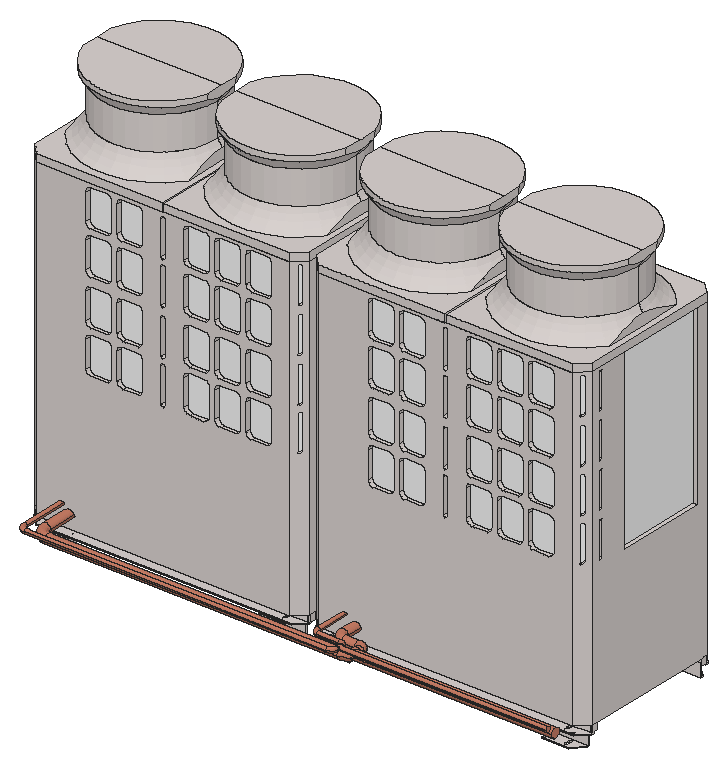
Revit family "PUHY-P850YSNW-A1", category Mechanical Equipment, Revit 2016
Family settings
  Part Type = Normal
  Round Connector Dimension = Use Radius
  OmniClass Number = 23.75.00.00
  OmniClass Title = Climate Control (HVAC)
  Work Plane-Based = No
  Always vertical = Yes
  Cut with Voids When Loaded = No
  Shared = No
  Room Calculation Point = No
Parameters (values of type "PUHY-P850YSNW-A1_415V_60Hz")
  Model = "PUHY-P850YSNW-A1"
  Width = 2510.000 mm
  WarrantyStart = ""
  Voltage = 415 V
  Unit Weight (kg) = 570
  URL = "http://www.mitsubishielectric.com/"
  Temp. range of heating (Outdoor temp.) (W.B.) = "-20.0 to 15.5"
  Temp. range of heating (Indoor temp.) (D.B.) = "15.0 to 27.0"
  Temp. range of cooling (Outdoor temp.) (D.B.) = "-5.0 to 52.0"
  Temp. range of cooling (Indoor temp.) (W.B.) = "15.0 to 24.0"
  TagNumber = 0
  Subcategory = "HVAC"
  Space View = yes
  Sound Pressure Level (dB(A)) Heating mode = 71.5
  Sound Pressure Level (dB(A)) Cooling mode = 68.5
  SerialNumber = 0
  ReplacementYear = ""
  Refrigerant type = "R410A"
  Refrigerant Charge (kg) = 20.6
  Protection Devices_Inverter circuit (COMP./FAN) = "Over-current protection"
  Protection Devices_High pressure (MPa) = "High pressure sensor, High pressure switch at 4.15"
  Phase = 3
  Manufacturer = "Mitsubishi Electric Corporation"
  Outdoor unit 2 Breaker size (A) = 60
  Outdoor unit 2 = PUHY-P400YNW-A1 : PUHY-P400YNW-A1
  Outdoor unit 1 Breaker size (A) = 60
  Outdoor unit 1 = PUHY-P450YNW-A1 : PUHY-P450YNW-A1
  Note_1 = "Refrigerant pipe diameters may change depending on the installation condition. Please refer to the installation manual."
  Maximum Circuit Ampacity (A) = 69
  Liquid pipe_radius = 9.525 mm
  InstallationDate = ""
  Indoor Unit Total Capacity = "50 to 130% of outdoor unit capacity"
  Indoor Unit Model/Quantity = "P10 to P250/2 to 50"
  Hertz = 60 Hz
  Height = 1858.000 mm
  Heating SCOP (kW/kW) = 3.86
  Heating Rated Load Ampacity (A) = 42.9
  Heating Power Input (kW) = 27.76
  Heating Power Input (Nominal) (kW) = 23.07
  Heating Current Input (Nominal) (A) = 35.6
  Heating Current Input (A) = 42.9
  Heating Capacity (kW) = 108
  Heating Capacity (Nominal) (kW) = 96
  Heating COP (kW/kW) = 3.89
  Heating COP (Nominal) (kW/kW) = 4.16
  Gas pipe_radius = 20.640 mm
  Fan_Type = "Propeller Fan"
  Fan_Quantity = 4
  Fan Motor Output (kW) = 1.84
  External static pressure (Pa) = 0
  External Finish = "Pre-coated galvanized steel sheets (+powder coating for -BS type) <MUNSELL 3Y 7.8/1.1 or similar>"
  Equip_description = ""
  Equip_No. = 0
  Equip_ID = ""
  Description = ""
  Depth = 740.000 mm
  CreatedOn = ""
  CreatedBy = ""
  Cooling SEER (kW/kW) = 6.38
  Cooling Rated Load Ampacity (A) = 46.3
  Cooling Power Input (kW) = 30
  Cooling EER (kW/kW) = 3.2
  Cooling Current Input (A) = 46.3
  Cooling Capacity (kW) = 96
  Compressor_Type = "Inverter scroll hermetic compressor"
  Compressor_Quantity = 2
  Compressor_Lubricant = "MEL32"
  Compressor Motor Output (kW) = 23.1
  Category = ""
  Barcode = ""
  AssetIdentifier = ""
  Airflow Rate (m3/min) = 605
  Airflow Rate (m3/h) = 36300
Reference planes
  plane 1 "Center (Front/Back)": y = 0
  plane 2: z = 0
  plane 3 "Center (Left/Right)": x = 0
  plane 4: y = 370
  plane 5 "front": y = -370
  plane 6: x = -1255
  plane 7: x = 1255
  plane 8: x = 15
  plane 9: x = -15
  plane 10: z = 1858
Forms (mm)
  Sweep 1, solid, material "Copper"
    path origin (1017.215, -4.248, 187) x (0, -1, 0) y (1, 0, 0)
      loop
        line (360, -2112.386) -> (570, -2112.386)
        arc (570, -2112.386) -> (591.213, -2103.6) -> (600, -2082.386) r 30
        line (600, -2082.386) -> (600, -725.507)
        arc (600, -725.507) -> (594.142, -711.365) -> (580, -705.507) r 20
        line (580, -705.507) -> (552.385, -705.507)
        arc (552.385, -705.507) -> (538.243, -711.365) -> (532.385, -725.507) r 20
        line (532.385, -725.507) -> (532.385, -821.501)
        arc (532.385, -821.501) -> (526.527, -835.643) -> (512.385, -841.501) r 20
        line (512.385, -841.501) -> (357.385, -841.501)
    profile origin (-1095.172, -469.248, 187) x (1, 0, 0) y (0, 0, 1)
      loop
        circle (0, 0) r 9.525
  Sweep 2, solid, material "Copper"
    path origin (934.386, -4.248, 187) x (0, -1, 0) y (1, 0, 0)
      loop
        line (565.96, -620) -> (565.96, 320.614)
    profile origin (784.693, -570.208, 187) x (0, 1, 0) y (0, 0, 1)
      loop
        circle (0, 0) r 9.525
  Sweep 3, solid, material "Copper"
    path origin (934.386, -4.248, 155.027) x (-1, 0, 0) y (0, -1, 0)
      loop
        line (595, 523.84) -> (-320, 523.84)
    profile origin (796.886, -528.088, 155.027) x (0, 1, 0) y (0, 0, 1)
      loop
        circle (0, 0) r 20.64
  Sweep 4, solid, material "Copper"
    path origin (0, 0, 0) x (1, 0, 0) y (0, 1, 0)
      loop
        line (229.542, -354.295) -> (229.542, -439.295)
        arc (229.542, -439.295) -> (239.793, -464.044) -> (264.542, -474.295) r 35
        line (264.542, -474.295) -> (324.542, -474.295)
        arc (324.542, -474.295) -> (342.22, -481.618) -> (349.542, -499.295) r 25
        line (349.542, -499.295) -> (349.542, -514.295)
        arc (349.542, -514.295) -> (337.826, -542.58) -> (309.542, -554.295) r 40
        line (309.542, -554.295) -> (-1005.458, -554.295)
        arc (-1005.458, -554.295) -> (-1044.349, -538.186) -> (-1060.458, -499.295) r 55
        line (-1060.458, -499.295) -> (-1060.458, -356.383)
    profile origin (229.542, -396.795, 0) x (1, 0, 0) y (0, 0, 1)
      loop
        circle (0, 155) r 20.64
Dimensions and locks
  nested 1 to nested 1 = 1240.000 mm
  nested 1 to nested 2 to nested 2 = 30.000 mm, 1240.000 mm
  "Liquid pipe_radius": radius of Sweep 2 sketch curve
  "Gas pipe_radius": radius of Sweep 3 sketch curve
  aligned and locked: level to plane 2
Automatic sketch dimensions
  Sweep 1 sketch curve to plane 5 "front" = 8.366 mm
  Sweep 1 sketch curve to plane 5 "front" = 5.752 mm
  plane 5 "front" to Sweep 1 sketch curve = 146.634 mm
  Sweep 1 sketch curve to Sweep 1 sketch curve = 20.000 mm  (x2)
  plane 5 "front" to Sweep 1 sketch curve = 204.248 mm
  Sweep 1 sketch curve to Sweep 1 sketch curve = 27.615 mm
  Sweep 1 sketch curve to Sweep 1 sketch curve = 30.000 mm
  plane 6 to Sweep 1 sketch curve = 159.828 mm
  plane 3 "Center (Left/Right)" to Sweep 1 sketch curve = 175.714 mm
  Sweep 1 sketch curve to Sweep 1 sketch curve = 95.994 mm
  profile plane to Sweep 1 sketch curve = 0.000 mm
  Sweep 1 sketch curve to profile plane = 0.000 mm
  Sweep 2 sketch curve to plane 7 = 0.000 mm
  plane 5 "front" to Sweep 2 sketch curve = 200.208 mm
  plane 8 to Sweep 2 sketch curve = 299.386 mm
  Sweep 3 sketch curve to plane 7 = 0.614 mm
  plane 5 "front" to Sweep 3 sketch curve = 158.088 mm
  plane 8 to Sweep 3 sketch curve = 324.386 mm
  level to Sweep 4 sketch curve = 155.000 mm
  profile plane to Sweep 4 sketch curve = 0.000 mm
  Sweep 4 sketch curve to plane 5 "front" = 13.617 mm
  plane 6 to Sweep 4 sketch curve = 194.542 mm
  Sweep 4 sketch curve to Sweep 4 sketch curve = 55.000 mm
  plane 5 "front" to Sweep 4 sketch curve = 69.295 mm
  plane 8 to Sweep 4 sketch curve = 214.542 mm
  Sweep 4 sketch curve to Sweep 4 sketch curve = 35.000 mm
  Sweep 4 sketch curve to Sweep 4 sketch curve = 45.000 mm
  Sweep 4 sketch curve to Sweep 4 sketch curve = 15.000 mm
  Sweep 4 sketch curve to Sweep 4 sketch curve = 25.000 mm
  plane 5 "front" to Sweep 4 sketch curve = 129.295 mm
  Sweep 4 sketch curve to plane 5 "front" = 15.705 mm
  Sweep 2 sketch curve to profile plane = 0.000 mm  (x2)
  Sweep 3 sketch curve to profile plane = 0.000 mm  (x2)
  radius of Sweep 1 sketch curve = 9.525 mm
  radius of Sweep 4 sketch curve = 20.640 mm
Nested families
  nested 1: "PUHY-P450YNW-A1" at (-635, 0, 0), type <- "Outdoor unit 1", type "PUHY-P450YNW-A1"
  nested 2: "PUHY-P400YNW-A1" at (635, 0, 0), type <- "Outdoor unit 2", type "PUHY-P400YNW-A1"
Connectors
  piping at (1254.386, -528.088, 155.027), diameter 41.28, driven by "Gas pipe_radius"
    settings: on Sweep 3, index 1, connector inside diameter 41.28 mm, connector length 0.000 mm, flow factor 0, pipe flow 0.0 L/s, pressure drop 0.0 Pa, fitting loss kfactor 0, connector angle 0.00°, fixture units 0, engagement length 0.000 mm, angle of deflection 0.00°, flow configuration 0, flow direction 0, fitting loss method 0, system type 22, joint type 0, gender type 0, connector reference index -1, connector utility 0, adjustable connector no, is connector primary yes, connector description "Indoor unit-Twinning pipe(Gas)"
  piping at (1255, -570.208, 187), diameter 19.05, driven by "Liquid pipe_radius"
    settings: on Sweep 2, index 2, connector inside diameter 19.05 mm, connector length 0.000 mm, flow factor 0, pipe flow 0.0 L/s, pressure drop 0.0 Pa, fitting loss kfactor 0, connector angle 0.00°, fixture units 0, engagement length 0.000 mm, angle of deflection 0.00°, flow configuration 0, flow direction 0, fitting loss method 0, system type 22, joint type 0, gender type 0, connector reference index -1, connector utility 0, adjustable connector no, is connector primary no, connector description "Indoor unit-Twinning pipe(Liquid)"
  electrical at (319, -370, 280), driven by "Phase", driven by "Voltage"
    settings: index 4, voltage 415 V, apparent load 0 VA, apparent load phase1 0 VA, apparent load phase2 0 VA, apparent load phase3 0 VA, power factor 1, load classification "HVAC", number of poles 3, system type 30, power factor state 1, is connector primary yes, connector utility no, sub classification motor no, connector description ""
  electrical at (-633, -370, 280), driven by "Phase", driven by "Voltage"
    settings: index 5, voltage 415 V, apparent load 0 VA, apparent load phase1 0 VA, apparent load phase2 0 VA, apparent load phase3 0 VA, power factor 1, load classification "HVAC", number of poles 3, system type 30, power factor state 1, is connector primary no, connector utility no, sub classification motor no, connector description ""
Definition of nested family "PUHY-P450YNW-A1"
  Parameters
    Model = "PUHY-P400YNW-A"
    URL = "http://www.mitsubishielectric.com/"
    Manufacturer = "Mitsubishi Electric Corporation"
    Liquid pipe_radius = 12.700 mm
    Gas pipe_radius = 14.290 mm
  Reference planes
    plane 1 "Center (Front/Back)": y = 0
    plane 2: z = 0
    plane 3 "Center (Left/Right)": x = 0
    plane 4: y = 370
    plane 5: z = 1858
    plane 6: y = -260
    plane 7: y = -204
    plane 8: y = -185
    plane 9: x = -620
    plane 10: x = 620
    plane 11: x = -620
    plane 12: z = 716
    plane 13: x = -524
    plane 14: z = 669
    plane 15: x = -50.5
    plane 16: x = 51
    plane 17: x = 489
    plane 18: x = 467
    plane 19 "132": x = 488
    plane 20 "100": z = 160
    plane 21: z = 185
    plane 22: x = 413
    plane 23: x = 364
    plane 24: z = 150
    plane 25: x = -287.25
    plane 26: x = -137.25
    plane 27: x = -272.25
    plane 28: y = -278
    plane 29: z = 1509
    plane 30: y = -370
    plane 31: x = -530
    plane 32: x = 530
    plane 33 "179": y = -191
  Forms (mm)
    Extrusion 1, solid
      sketch origin (-1, 0, 113) x (-1, 0, 0) y (0, -1, 0)
        loop
          line (569, -370) -> (619, -320) -> (619, 320) -> (569, 370) -> (-571, 370) -> (-621, 320) -> (-621, -320) -> (-571, -370) -> (569, -370)
      from -18 to 1408
    Extrusion 2, void
      sketch origin (524, -370, 113) x (1, 0, 0) y (0, 0, -1)
        loop
          arc (-60.8, -1393.5) -> (-42.557, -1385.943) -> (-35, -1367.7) r 25.8
          line (-35, -1367.7) -> (-35, -1248.5)
          arc (-35, -1248.5) -> (-42.557, -1230.257) -> (-60.8, -1222.7) r 25.8
          line (-60.8, -1222.7) -> (-126, -1222.7)
          arc (-126, -1222.7) -> (-144.243, -1230.257) -> (-151.8, -1248.5) r 25.8
          line (-151.8, -1248.5) -> (-151.8, -1367.7)
          arc (-151.8, -1367.7) -> (-144.243, -1385.943) -> (-126, -1393.5) r 25.8
          line (-126, -1393.5) -> (-60.8, -1393.5)
      from 0 to 20
    Extrusion 3, void
      sketch origin (524, -370, -81) x (1, 0, 0) y (0, 0, -1)
        loop
          arc (-60.8, -1393.5) -> (-42.557, -1385.943) -> (-35, -1367.7) r 25.8
          line (-35, -1367.7) -> (-35, -1248.5)
          arc (-35, -1248.5) -> (-42.557, -1230.257) -> (-60.8, -1222.7) r 25.8
          line (-60.8, -1222.7) -> (-126, -1222.7)
          arc (-126, -1222.7) -> (-144.243, -1230.257) -> (-151.8, -1248.5) r 25.8
          line (-151.8, -1248.5) -> (-151.8, -1367.7)
          arc (-151.8, -1367.7) -> (-144.243, -1385.943) -> (-126, -1393.5) r 25.8
          line (-126, -1393.5) -> (-60.8, -1393.5)
      from 0 to 20
    Extrusion 4, void
      sketch origin (524, -370, -287) x (1, 0, 0) y (0, 0, -1)
        loop
          arc (-60.8, -1393.5) -> (-42.557, -1385.943) -> (-35, -1367.7) r 25.8
          line (-35, -1367.7) -> (-35, -1248.5)
          arc (-35, -1248.5) -> (-42.557, -1230.257) -> (-60.8, -1222.7) r 25.8
          line (-60.8, -1222.7) -> (-126, -1222.7)
          arc (-126, -1222.7) -> (-144.243, -1230.257) -> (-151.8, -1248.5) r 25.8
          line (-151.8, -1248.5) -> (-151.8, -1367.7)
          arc (-151.8, -1367.7) -> (-144.243, -1385.943) -> (-126, -1393.5) r 25.8
          line (-126, -1393.5) -> (-60.8, -1393.5)
      from 0 to 20
    Extrusion 5, void
      sketch origin (524, -370, -481) x (1, 0, 0) y (0, 0, -1)
        loop
          arc (-60.8, -1393.5) -> (-42.557, -1385.943) -> (-35, -1367.7) r 25.8
          line (-35, -1367.7) -> (-35, -1248.5)
          arc (-35, -1248.5) -> (-42.557, -1230.257) -> (-60.8, -1222.7) r 25.8
          line (-60.8, -1222.7) -> (-126, -1222.7)
          arc (-126, -1222.7) -> (-144.243, -1230.257) -> (-151.8, -1248.5) r 25.8
          line (-151.8, -1248.5) -> (-151.8, -1367.7)
          arc (-151.8, -1367.7) -> (-144.243, -1385.943) -> (-126, -1393.5) r 25.8
          line (-126, -1393.5) -> (-60.8, -1393.5)
      from 0 to 20
    Extrusion 6, void
      sketch origin (384, -370, 113) x (1, 0, 0) y (0, 0, -1)
        loop
          arc (-60.8, -1393.5) -> (-42.557, -1385.943) -> (-35, -1367.7) r 25.8
          line (-35, -1367.7) -> (-35, -1248.5)
          arc (-35, -1248.5) -> (-42.557, -1230.257) -> (-60.8, -1222.7) r 25.8
          line (-60.8, -1222.7) -> (-126, -1222.7)
          arc (-126, -1222.7) -> (-144.243, -1230.257) -> (-151.8, -1248.5) r 25.8
          line (-151.8, -1248.5) -> (-151.8, -1367.7)
          arc (-151.8, -1367.7) -> (-144.243, -1385.943) -> (-126, -1393.5) r 25.8
          line (-126, -1393.5) -> (-60.8, -1393.5)
      from 0 to 20
    Extrusion 7, void
      sketch origin (384, -370, -81) x (1, 0, 0) y (0, 0, -1)
        loop
          arc (-60.8, -1393.5) -> (-42.557, -1385.943) -> (-35, -1367.7) r 25.8
          line (-35, -1367.7) -> (-35, -1248.5)
          arc (-35, -1248.5) -> (-42.557, -1230.257) -> (-60.8, -1222.7) r 25.8
          line (-60.8, -1222.7) -> (-126, -1222.7)
          arc (-126, -1222.7) -> (-144.243, -1230.257) -> (-151.8, -1248.5) r 25.8
          line (-151.8, -1248.5) -> (-151.8, -1367.7)
          arc (-151.8, -1367.7) -> (-144.243, -1385.943) -> (-126, -1393.5) r 25.8
          line (-126, -1393.5) -> (-60.8, -1393.5)
      from 0 to 20
    Extrusion 8, void
      sketch origin (384, -370, -287) x (1, 0, 0) y (0, 0, -1)
        loop
          arc (-60.8, -1393.5) -> (-42.557, -1385.943) -> (-35, -1367.7) r 25.8
          line (-35, -1367.7) -> (-35, -1248.5)
          arc (-35, -1248.5) -> (-42.557, -1230.257) -> (-60.8, -1222.7) r 25.8
          line (-60.8, -1222.7) -> (-126, -1222.7)
          arc (-126, -1222.7) -> (-144.243, -1230.257) -> (-151.8, -1248.5) r 25.8
          line (-151.8, -1248.5) -> (-151.8, -1367.7)
          arc (-151.8, -1367.7) -> (-144.243, -1385.943) -> (-126, -1393.5) r 25.8
          line (-126, -1393.5) -> (-60.8, -1393.5)
      from 0 to 20
    Extrusion 9, void
      sketch origin (384, -370, -481) x (1, 0, 0) y (0, 0, -1)
        loop
          arc (-60.8, -1393.5) -> (-42.557, -1385.943) -> (-35, -1367.7) r 25.8
          line (-35, -1367.7) -> (-35, -1248.5)
          arc (-35, -1248.5) -> (-42.557, -1230.257) -> (-60.8, -1222.7) r 25.8
          line (-60.8, -1222.7) -> (-126, -1222.7)
          arc (-126, -1222.7) -> (-144.243, -1230.257) -> (-151.8, -1248.5) r 25.8
          line (-151.8, -1248.5) -> (-151.8, -1367.7)
          arc (-151.8, -1367.7) -> (-144.243, -1385.943) -> (-126, -1393.5) r 25.8
          line (-126, -1393.5) -> (-60.8, -1393.5)
      from 0 to 20
    Extrusion 10, void
      sketch origin (244, -370, 113) x (1, 0, 0) y (0, 0, -1)
        loop
          arc (-60.8, -1393.5) -> (-42.557, -1385.943) -> (-35, -1367.7) r 25.8
          line (-35, -1367.7) -> (-35, -1248.5)
          arc (-35, -1248.5) -> (-42.557, -1230.257) -> (-60.8, -1222.7) r 25.8
          line (-60.8, -1222.7) -> (-126, -1222.7)
          arc (-126, -1222.7) -> (-144.243, -1230.257) -> (-151.8, -1248.5) r 25.8
          line (-151.8, -1248.5) -> (-151.8, -1367.7)
          arc (-151.8, -1367.7) -> (-144.243, -1385.943) -> (-126, -1393.5) r 25.8
          line (-126, -1393.5) -> (-60.8, -1393.5)
      from 0 to 20
    Extrusion 11, void
      sketch origin (244, -370, -81) x (1, 0, 0) y (0, 0, -1)
        loop
          arc (-60.8, -1393.5) -> (-42.557, -1385.943) -> (-35, -1367.7) r 25.8
          line (-35, -1367.7) -> (-35, -1248.5)
          arc (-35, -1248.5) -> (-42.557, -1230.257) -> (-60.8, -1222.7) r 25.8
          line (-60.8, -1222.7) -> (-126, -1222.7)
          arc (-126, -1222.7) -> (-144.243, -1230.257) -> (-151.8, -1248.5) r 25.8
          line (-151.8, -1248.5) -> (-151.8, -1367.7)
          arc (-151.8, -1367.7) -> (-144.243, -1385.943) -> (-126, -1393.5) r 25.8
          line (-126, -1393.5) -> (-60.8, -1393.5)
      from 0 to 20
    Extrusion 12, void
      sketch origin (244, -370, -287) x (1, 0, 0) y (0, 0, -1)
        loop
          arc (-60.8, -1393.5) -> (-42.557, -1385.943) -> (-35, -1367.7) r 25.8
          line (-35, -1367.7) -> (-35, -1248.5)
          arc (-35, -1248.5) -> (-42.557, -1230.257) -> (-60.8, -1222.7) r 25.8
          line (-60.8, -1222.7) -> (-126, -1222.7)
          arc (-126, -1222.7) -> (-144.243, -1230.257) -> (-151.8, -1248.5) r 25.8
          line (-151.8, -1248.5) -> (-151.8, -1367.7)
          arc (-151.8, -1367.7) -> (-144.243, -1385.943) -> (-126, -1393.5) r 25.8
          line (-126, -1393.5) -> (-60.8, -1393.5)
      from 0 to 20
    Extrusion 13, void
      sketch origin (244, -370, -481) x (1, 0, 0) y (0, 0, -1)
        loop
          arc (-60.8, -1393.5) -> (-42.557, -1385.943) -> (-35, -1367.7) r 25.8
          line (-35, -1367.7) -> (-35, -1248.5)
          arc (-35, -1248.5) -> (-42.557, -1230.257) -> (-60.8, -1222.7) r 25.8
          line (-60.8, -1222.7) -> (-126, -1222.7)
          arc (-126, -1222.7) -> (-144.243, -1230.257) -> (-151.8, -1248.5) r 25.8
          line (-151.8, -1248.5) -> (-151.8, -1367.7)
          arc (-151.8, -1367.7) -> (-144.243, -1385.943) -> (-126, -1393.5) r 25.8
          line (-126, -1393.5) -> (-60.8, -1393.5)
      from 0 to 20
    Extrusion 14, void
      sketch origin (-56, -370, 113) x (1, 0, 0) y (0, 0, -1)
        loop
          arc (-60.8, -1393.5) -> (-42.557, -1385.943) -> (-35, -1367.7) r 25.8
          line (-35, -1367.7) -> (-35, -1248.5)
          arc (-35, -1248.5) -> (-42.557, -1230.257) -> (-60.8, -1222.7) r 25.8
          line (-60.8, -1222.7) -> (-126, -1222.7)
          arc (-126, -1222.7) -> (-144.243, -1230.257) -> (-151.8, -1248.5) r 25.8
          line (-151.8, -1248.5) -> (-151.8, -1367.7)
          arc (-151.8, -1367.7) -> (-144.243, -1385.943) -> (-126, -1393.5) r 25.8
          line (-126, -1393.5) -> (-60.8, -1393.5)
      from 0 to 20
    Extrusion 15, void
      sketch origin (-56, -370, -81) x (1, 0, 0) y (0, 0, -1)
        loop
          arc (-60.8, -1393.5) -> (-42.557, -1385.943) -> (-35, -1367.7) r 25.8
          line (-35, -1367.7) -> (-35, -1248.5)
          arc (-35, -1248.5) -> (-42.557, -1230.257) -> (-60.8, -1222.7) r 25.8
          line (-60.8, -1222.7) -> (-126, -1222.7)
          arc (-126, -1222.7) -> (-144.243, -1230.257) -> (-151.8, -1248.5) r 25.8
          line (-151.8, -1248.5) -> (-151.8, -1367.7)
          arc (-151.8, -1367.7) -> (-144.243, -1385.943) -> (-126, -1393.5) r 25.8
          line (-126, -1393.5) -> (-60.8, -1393.5)
      from 0 to 20
    Extrusion 16, void
      sketch origin (-56, -370, -287) x (1, 0, 0) y (0, 0, -1)
        loop
          arc (-60.8, -1393.5) -> (-42.557, -1385.943) -> (-35, -1367.7) r 25.8
          line (-35, -1367.7) -> (-35, -1248.5)
          arc (-35, -1248.5) -> (-42.557, -1230.257) -> (-60.8, -1222.7) r 25.8
          line (-60.8, -1222.7) -> (-126, -1222.7)
          arc (-126, -1222.7) -> (-144.243, -1230.257) -> (-151.8, -1248.5) r 25.8
          line (-151.8, -1248.5) -> (-151.8, -1367.7)
          arc (-151.8, -1367.7) -> (-144.243, -1385.943) -> (-126, -1393.5) r 25.8
          line (-126, -1393.5) -> (-60.8, -1393.5)
      from 0 to 20
    Extrusion 17, void
      sketch origin (-56, -370, -481) x (1, 0, 0) y (0, 0, -1)
        loop
          arc (-60.8, -1393.5) -> (-42.557, -1385.943) -> (-35, -1367.7) r 25.8
          line (-35, -1367.7) -> (-35, -1248.5)
          arc (-35, -1248.5) -> (-42.557, -1230.257) -> (-60.8, -1222.7) r 25.8
          line (-60.8, -1222.7) -> (-126, -1222.7)
          arc (-126, -1222.7) -> (-144.243, -1230.257) -> (-151.8, -1248.5) r 25.8
          line (-151.8, -1248.5) -> (-151.8, -1367.7)
          arc (-151.8, -1367.7) -> (-144.243, -1385.943) -> (-126, -1393.5) r 25.8
          line (-126, -1393.5) -> (-60.8, -1393.5)
      from 0 to 20
    Extrusion 18, void
      sketch origin (-196, -370, 113) x (1, 0, 0) y (0, 0, -1)
        loop
          arc (-60.8, -1393.5) -> (-42.557, -1385.943) -> (-35, -1367.7) r 25.8
          line (-35, -1367.7) -> (-35, -1248.5)
          arc (-35, -1248.5) -> (-42.557, -1230.257) -> (-60.8, -1222.7) r 25.8
          line (-60.8, -1222.7) -> (-126, -1222.7)
          arc (-126, -1222.7) -> (-144.243, -1230.257) -> (-151.8, -1248.5) r 25.8
          line (-151.8, -1248.5) -> (-151.8, -1367.7)
          arc (-151.8, -1367.7) -> (-144.243, -1385.943) -> (-126, -1393.5) r 25.8
          line (-126, -1393.5) -> (-60.8, -1393.5)
      from 0 to 20
    Extrusion 19, void
      sketch origin (-196, -370, -81) x (1, 0, 0) y (0, 0, -1)
        loop
          arc (-60.8, -1393.5) -> (-42.557, -1385.943) -> (-35, -1367.7) r 25.8
          line (-35, -1367.7) -> (-35, -1248.5)
          arc (-35, -1248.5) -> (-42.557, -1230.257) -> (-60.8, -1222.7) r 25.8
          line (-60.8, -1222.7) -> (-126, -1222.7)
          arc (-126, -1222.7) -> (-144.243, -1230.257) -> (-151.8, -1248.5) r 25.8
          line (-151.8, -1248.5) -> (-151.8, -1367.7)
          arc (-151.8, -1367.7) -> (-144.243, -1385.943) -> (-126, -1393.5) r 25.8
          line (-126, -1393.5) -> (-60.8, -1393.5)
      from 0 to 20
    Extrusion 20, void
      sketch origin (-196, -370, -287) x (1, 0, 0) y (0, 0, -1)
        loop
          arc (-60.8, -1393.5) -> (-42.557, -1385.943) -> (-35, -1367.7) r 25.8
          line (-35, -1367.7) -> (-35, -1248.5)
          arc (-35, -1248.5) -> (-42.557, -1230.257) -> (-60.8, -1222.7) r 25.8
          line (-60.8, -1222.7) -> (-126, -1222.7)
          arc (-126, -1222.7) -> (-144.243, -1230.257) -> (-151.8, -1248.5) r 25.8
          line (-151.8, -1248.5) -> (-151.8, -1367.7)
          arc (-151.8, -1367.7) -> (-144.243, -1385.943) -> (-126, -1393.5) r 25.8
          line (-126, -1393.5) -> (-60.8, -1393.5)
      from 0 to 20
    Extrusion 21, void
      sketch origin (-196, -370, -481) x (1, 0, 0) y (0, 0, -1)
        loop
          arc (-60.8, -1393.5) -> (-42.557, -1385.943) -> (-35, -1367.7) r 25.8
          line (-35, -1367.7) -> (-35, -1248.5)
          arc (-35, -1248.5) -> (-42.557, -1230.257) -> (-60.8, -1222.7) r 25.8
          line (-60.8, -1222.7) -> (-126, -1222.7)
          arc (-126, -1222.7) -> (-144.243, -1230.257) -> (-151.8, -1248.5) r 25.8
          line (-151.8, -1248.5) -> (-151.8, -1367.7)
          arc (-151.8, -1367.7) -> (-144.243, -1385.943) -> (-126, -1393.5) r 25.8
          line (-126, -1393.5) -> (-60.8, -1393.5)
      from 0 to 20
    Extrusion 22, void
      sketch origin (620, 320, 113) x (0, 1, 0) y (0, 0, -1)
        loop
          line (-462.3, -1408) -> (-50.8, -1408) -> (-50.8, -612) -> (-462.3, -612) -> (-462.3, -1408)
      from 0 to 20
    Extrusion 23, void
      sketch origin (-620, -320, 113) x (0, -1, 0) y (0, 0, -1)
        loop
          line (-535.7, -1408) -> (-207.7, -1408) -> (-207.7, -592) -> (-535.7, -592) -> (-535.7, -1408)
      from 0 to 20
    Extrusion 24, void
      sketch origin (194.892, 370, 113) x (-1, 0, 0) y (0, 0, -1)
        loop
          arc (204.892, -1225.013) -> (194.892, -1215.013) -> (184.892, -1225.013) r 10
          line (184.892, -1225.013) -> (184.892, -1379.987)
          arc (184.892, -1379.987) -> (194.892, -1389.987) -> (204.892, -1379.987) r 10
          line (204.892, -1379.987) -> (204.892, -1225.013)
        loop
          arc (204.892, -1031.013) -> (194.892, -1021.013) -> (184.892, -1031.013) r 10
          line (184.892, -1031.013) -> (184.892, -1185.987)
          arc (184.892, -1185.987) -> (194.892, -1195.987) -> (204.892, -1185.987) r 10
          line (204.892, -1185.987) -> (204.892, -1031.013)
        loop
          arc (204.892, -825.013) -> (194.892, -815.013) -> (184.892, -825.013) r 10
          line (184.892, -825.013) -> (184.892, -979.987)
          arc (184.892, -979.987) -> (194.892, -989.987) -> (204.892, -979.987) r 10
          line (204.892, -979.987) -> (204.892, -825.013)
        loop
          arc (204.892, -631.013) -> (194.892, -621.013) -> (184.892, -631.013) r 10
          line (184.892, -631.013) -> (184.892, -785.987)
          arc (184.892, -785.987) -> (194.892, -795.987) -> (204.892, -785.987) r 10
          line (204.892, -785.987) -> (204.892, -631.013)
      from 0 to 20
    Extrusion 25, void
      sketch origin (-570, 370, 113) x (0.707107, 0.707107, 0) y (0, 0, 1)
        loop
          arc (-45.355, 1236) -> (-35.355, 1226) -> (-25.355, 1236) r 10
          line (-25.355, 1236) -> (-25.355, 1386)
          arc (-25.355, 1386) -> (-35.355, 1396) -> (-45.355, 1386) r 10
          line (-45.355, 1386) -> (-45.355, 1236)
        loop
          arc (-45.355, 1036) -> (-35.355, 1026) -> (-25.355, 1036) r 10
          line (-25.355, 1036) -> (-25.355, 1186)
          arc (-25.355, 1186) -> (-35.355, 1196) -> (-45.355, 1186) r 10
          line (-45.355, 1186) -> (-45.355, 1036)
        loop
          arc (-45.355, 836) -> (-35.355, 826) -> (-25.355, 836) r 10
          line (-25.355, 836) -> (-25.355, 986)
          arc (-25.355, 986) -> (-35.355, 996) -> (-45.355, 986) r 10
          line (-45.355, 986) -> (-45.355, 836)
        loop
          arc (-45.355, 641) -> (-35.355, 631) -> (-25.355, 641) r 10
          line (-25.355, 641) -> (-25.355, 791)
          arc (-25.355, 791) -> (-35.355, 801) -> (-45.355, 791) r 10
          line (-45.355, 791) -> (-45.355, 641)
      from 0 to 20
    Extrusion 26, void
      sketch origin (-620, -320, 113) x (0, -1, 0) y (0, 0, -1)
        loop
          line (-607.846, -1035.895) -> (-607.846, -1186.105)
          arc (-607.846, -1186.105) -> (-597.846, -1196.105) -> (-587.846, -1186.105) r 10
          line (-587.846, -1186.105) -> (-587.846, -1035.895)
          arc (-587.846, -1035.895) -> (-597.846, -1025.895) -> (-607.846, -1035.895) r 10
        loop
          line (-607.846, -835.895) -> (-607.846, -986.105)
          arc (-607.846, -986.105) -> (-597.846, -996.105) -> (-587.846, -986.105) r 10
          line (-587.846, -986.105) -> (-587.846, -835.895)
          arc (-587.846, -835.895) -> (-597.846, -825.895) -> (-607.846, -835.895) r 10
        loop
          line (-607.846, -1235.895) -> (-607.846, -1386.105)
          arc (-607.846, -1386.105) -> (-597.846, -1396.105) -> (-587.846, -1386.105) r 10
          line (-587.846, -1386.105) -> (-587.846, -1235.895)
          arc (-587.846, -1235.895) -> (-597.846, -1225.895) -> (-607.846, -1235.895) r 10
        loop
          line (-607.846, -635.895) -> (-607.846, -786.105)
          arc (-607.846, -786.105) -> (-597.846, -796.105) -> (-587.846, -786.105) r 10
          line (-587.846, -786.105) -> (-587.846, -635.895)
          arc (-587.846, -635.895) -> (-597.846, -625.895) -> (-607.846, -635.895) r 10
      from 0 to 20
    Extrusion 27, void
      sketch origin (1079, -370, 113) x (1, 0, 0) y (0, 0, -1)
        loop
          arc (-1089, -1379.975) -> (-1079, -1389.975) -> (-1069, -1379.975) r 10
          line (-1069, -1379.975) -> (-1069, -1225)
          arc (-1069, -1225) -> (-1079, -1215) -> (-1089, -1225) r 10
          line (-1089, -1225) -> (-1089, -1379.975)
        loop
          arc (-1089, -1185.975) -> (-1079, -1195.975) -> (-1069, -1185.975) r 10
          line (-1069, -1185.975) -> (-1069, -1031)
          arc (-1069, -1031) -> (-1079, -1021) -> (-1089, -1031) r 10
          line (-1089, -1031) -> (-1089, -1185.975)
        loop
          arc (-1089, -979.975) -> (-1079, -989.975) -> (-1069, -979.975) r 10
          line (-1069, -979.975) -> (-1069, -825)
          arc (-1069, -825) -> (-1079, -815) -> (-1089, -825) r 10
          line (-1089, -825) -> (-1089, -979.975)
        loop
          arc (-1089, -785.975) -> (-1079, -795.975) -> (-1069, -785.975) r 10
          line (-1069, -785.975) -> (-1069, -631)
          arc (-1069, -631) -> (-1079, -621) -> (-1089, -631) r 10
          line (-1089, -631) -> (-1089, -785.975)
      from 0 to 20
    Extrusion 28, void
      sketch origin (-571, 370, 113) x (-1, 0, 0) y (0, 0, -1)
        loop
          line (-519.5, -1408) -> (-48, -1408) -> (-48, -556) -> (-519.5, -556) -> (-519.5, -1408)
      from 0 to 20
    Extrusion 29, void
      sketch origin (-571, 370, 113) x (-1, 0, 0) y (0, 0, -1)
        loop
          line (-1038, -1408) -> (-622, -1408) -> (-622, -556) -> (-1038, -556) -> (-1038, -1408)
      from 0 to 20
    Extrusion 30, void
      sketch origin (620, 320, 113) x (0, 1, 0) y (0, 0, -1)
        loop
          arc (-588, -1035.791) -> (-598, -1025.791) -> (-608, -1035.791) r 10
          line (-608, -1035.791) -> (-608, -1186)
          arc (-608, -1186) -> (-598, -1196) -> (-588, -1186) r 10
          line (-588, -1186) -> (-588, -1035.791)
        loop
          arc (-588, -835.791) -> (-598, -825.791) -> (-608, -835.791) r 10
          line (-608, -835.791) -> (-608, -986)
          arc (-608, -986) -> (-598, -996) -> (-588, -986) r 10
          line (-588, -986) -> (-588, -835.791)
        loop
          arc (-588, -1235.791) -> (-598, -1225.791) -> (-608, -1235.791) r 10
          line (-608, -1235.791) -> (-608, -1386)
          arc (-608, -1386) -> (-598, -1396) -> (-588, -1386) r 10
          line (-588, -1386) -> (-588, -1235.791)
        loop
          arc (-588, -635.791) -> (-598, -625.791) -> (-608, -635.791) r 10
          line (-608, -635.791) -> (-608, -786)
          arc (-608, -786) -> (-598, -796) -> (-588, -786) r 10
          line (-588, -786) -> (-588, -635.791)
      from 0 to 20
    Extrusion 31, void
      sketch origin (1291.751, 351.751, 113) x (0.707107, 0.707107, 0) y (0, 0, -1)
        loop
          line (-995.311, -1236) -> (-995.311, -1386)
          arc (-995.311, -1386) -> (-985.311, -1396) -> (-975.311, -1386) r 10
          line (-975.311, -1386) -> (-975.311, -1236)
          arc (-975.311, -1236) -> (-985.311, -1226) -> (-995.311, -1236) r 10
        loop
          line (-995.311, -1036) -> (-995.311, -1186)
          arc (-995.311, -1186) -> (-985.311, -1196) -> (-975.311, -1186) r 10
          line (-975.311, -1186) -> (-975.311, -1036)
          arc (-975.311, -1036) -> (-985.311, -1026) -> (-995.311, -1036) r 10
        loop
          line (-995.311, -836) -> (-995.311, -986)
          arc (-995.311, -986) -> (-985.311, -996) -> (-975.311, -986) r 10
          line (-975.311, -986) -> (-975.311, -836)
          arc (-975.311, -836) -> (-985.311, -826) -> (-995.311, -836) r 10
        loop
          line (-995.311, -641) -> (-995.311, -791)
          arc (-995.311, -791) -> (-985.311, -801) -> (-975.311, -791) r 10
          line (-975.311, -791) -> (-975.311, -641)
          arc (-975.311, -641) -> (-985.311, -631) -> (-995.311, -641) r 10
      from 0 to 20
    Extrusion 32, void
      sketch origin (0, -191, 0) x (-1, 0, 0) y (0, 0, 1)
        loop
          circle (460, 176) r 6.35
      from 0 to 78.7
    Extrusion 33, void
      sketch origin (0, -191, 0) x (-1, 0, 0) y (0, 0, 1)
        loop
          circle (377, 176) r 14.29
      from 0 to 78.7
  Cuts and joins
    Extrusion 2, Extrusion 3, Extrusion 4, Extrusion 5, Extrusion 6, Extrusion 7, Extrusion 8, Extrusion 9, Extrusion 10, Extrusion 11, Extrusion 12, Extrusion 13, Extrusion 14, Extrusion 15, Extrusion 16, Extrusion 17, Extrusion 18, Extrusion 19, Extrusion 20, Extrusion 21, Extrusion 22, Extrusion 23, Extrusion 24, Extrusion 25, Extrusion 26, Extrusion 27, Extrusion 28, Extrusion 29, Extrusion 30, Extrusion 31, Extrusion 32, Extrusion 33 cuts Extrusion 1
  Lines and regions (mm)
    model lines
      curve 1: line (-351, -291, 95) -> (-481, -291, 95)
      curve 2: line (-342, -206, 95) -> (-342, -282, 95)
      curve 3: line (-481, -197, 95) -> (-351, -197, 95)
      curve 4: line (-492, -280, 95) -> (-492, -208, 95)
      curve 5: arc (-492, -280, 95) -> (-488.778, -287.778, 95) -> (-481, -291, 95) r 11
      curve 6: arc (-351, -291, 95) -> (-344.636, -288.364, 95) -> (-342, -282, 95) r 9
      curve 7: arc (-342, -206, 95) -> (-344.636, -199.636, 95) -> (-351, -197, 95) r 9
      curve 8: arc (-481, -197, 95) -> (-488.778, -200.222, 95) -> (-492, -208, 95) r 11
      curve 9: line (-30, -370, 1521) -> (-30, -370, 95)
      curve 10: line (30, -370, 1521) -> (30, -370, 95)
      curve 11: line (-485, -370, 215) -> (-357, -370, 215)
      curve 12: line (-495, -370, 141) -> (-495, -370, 205)
      curve 13: line (-357, -370, 131) -> (-485, -370, 131)
      curve 14: line (-347, -370, 205) -> (-347, -370, 141)
      curve 15: arc (-485, -370, 215) -> (-492.071, -370, 212.071) -> (-495, -370, 205) r 10
      curve 16: arc (-495, -370, 141) -> (-492.071, -370, 133.929) -> (-485, -370, 131) r 10
      curve 17: arc (-357, -370, 131) -> (-349.929, -370, 133.929) -> (-347, -370, 141) r 10
      curve 18: arc (-347, -370, 205) -> (-349.929, -370, 212.071) -> (-357, -370, 215) r 10
      curve 19: line (-405, -370, 1521) -> (-405, -370, 716)
      curve 20: line (620, -162.3, 1521) -> (620, -162.3, 95)
      curve 21: line (620, 289.2, 1521) -> (620, 289.2, 95)
      curve 22: line (620, -162.3, 705) -> (620, 289.2, 705)
      curve 23: line (620, -162.3, 725) -> (620, 289.2, 725)
      curve 24: line (620, -76.8, 583) -> (620, 203.2, 583)
      curve 25: line (620, 203.2, 563) -> (620, -76.8, 563)
      curve 26: arc (620, -76.8, 583) -> (620, -83.871, 580.071) -> (620, -86.8, 573) r 10
      curve 27: arc (620, -76.8, 563) -> (620, -83.871, 565.929) -> (620, -86.8, 573) r 10
      curve 28: arc (620, 203.2, 583) -> (620, 210.271, 580.071) -> (620, 213.2, 573) r 10
      curve 29: arc (620, 203.2, 563) -> (620, 210.271, 565.929) -> (620, 213.2, 573) r 10
      curve 30: line (620, -76.8, 478) -> (620, 203.2, 478)
      curve 31: line (620, 203.2, 458) -> (620, -76.8, 458)
      curve 32: arc (620, -76.8, 478) -> (620, -83.871, 475.071) -> (620, -86.8, 468) r 10
      curve 33: arc (620, -76.8, 458) -> (620, -83.871, 460.929) -> (620, -86.8, 468) r 10
      curve 34: arc (620, 203.2, 478) -> (620, 210.271, 475.071) -> (620, 213.2, 468) r 10
      curve 35: arc (620, 203.2, 458) -> (620, 210.271, 460.929) -> (620, 213.2, 468) r 10
      curve 36: line (620, -76.8, 373) -> (620, 203.2, 373)
      curve 37: line (620, 203.2, 353) -> (620, -76.8, 353)
      curve 38: arc (620, -76.8, 373) -> (620, -83.871, 370.071) -> (620, -86.8, 363) r 10
      curve 39: arc (620, -76.8, 353) -> (620, -83.871, 355.929) -> (620, -86.8, 363) r 10
      curve 40: arc (620, 203.2, 373) -> (620, 210.271, 370.071) -> (620, 213.2, 363) r 10
      curve 41: arc (620, 203.2, 353) -> (620, 210.271, 355.929) -> (620, 213.2, 363) r 10
      curve 42: line (620, -76.8, 268) -> (620, 203.2, 268)
      curve 43: line (620, 203.2, 248) -> (620, -76.8, 248)
      curve 44: arc (620, -76.8, 268) -> (620, -83.871, 265.071) -> (620, -86.8, 258) r 10
      curve 45: arc (620, -76.8, 248) -> (620, -83.871, 250.929) -> (620, -86.8, 258) r 10
      curve 46: arc (620, 203.2, 268) -> (620, 210.271, 265.071) -> (620, 213.2, 258) r 10
      curve 47: arc (620, 203.2, 248) -> (620, 210.271, 250.929) -> (620, 213.2, 258) r 10
      curve 48: line (-620, -162.3, 1521) -> (-620, -162.3, 95)
      curve 49: line (-620, 235.7, 1521) -> (-620, 235.7, 95)
      curve 50: line (-620, -112.3, 1521) -> (-620, -112.3, 705)
      curve 51: line (-620, 215.7, 1521) -> (-620, 215.7, 705)
      curve 52: line (-620, 235.7, 705) -> (-620, -162.3, 705)
      curve 53: line (-620, 176.7, 268) -> (-620, -103.3, 268)
      curve 54: line (-620, -103.3, 248) -> (-620, 176.7, 248)
      curve 55: arc (-620, 186.7, 258) -> (-620, 183.771, 265.071) -> (-620, 176.7, 268) r 10
      curve 56: arc (-620, 176.7, 248) -> (-620, 183.771, 250.929) -> (-620, 186.7, 258) r 10
      curve 57: arc (-620, -103.3, 268) -> (-620, -110.371, 265.071) -> (-620, -113.3, 258) r 10
      curve 58: arc (-620, -113.3, 258) -> (-620, -110.371, 250.929) -> (-620, -103.3, 248) r 10
      curve 59: line (-620, 176.7, 373) -> (-620, -103.3, 373)
      curve 60: line (-620, -103.3, 353) -> (-620, 176.7, 353)
      curve 61: arc (-620, 186.7, 363) -> (-620, 183.771, 370.071) -> (-620, 176.7, 373) r 10
      curve 62: arc (-620, 176.7, 353) -> (-620, 183.771, 355.929) -> (-620, 186.7, 363) r 10
      curve 63: arc (-620, -103.3, 373) -> (-620, -110.371, 370.071) -> (-620, -113.3, 363) r 10
      curve 64: arc (-620, -113.3, 363) -> (-620, -110.371, 355.929) -> (-620, -103.3, 353) r 10
      curve 65: line (-620, 176.7, 478) -> (-620, -103.3, 478)
      curve 66: line (-620, -103.3, 458) -> (-620, 176.7, 458)
      curve 67: arc (-620, 186.7, 468) -> (-620, 183.771, 475.071) -> (-620, 176.7, 478) r 10
      curve 68: arc (-620, 176.7, 458) -> (-620, 183.771, 460.929) -> (-620, 186.7, 468) r 10
      curve 69: arc (-620, -103.3, 478) -> (-620, -110.371, 475.071) -> (-620, -113.3, 468) r 10
      curve 70: arc (-620, -113.3, 468) -> (-620, -110.371, 460.929) -> (-620, -103.3, 458) r 10
      curve 71: line (-620, 176.7, 583) -> (-620, -103.3, 583)
      curve 72: line (-620, -103.3, 563) -> (-620, 176.7, 563)
      curve 73: arc (-620, 186.7, 573) -> (-620, 183.771, 580.071) -> (-620, 176.7, 583) r 10
      curve 74: arc (-620, 176.7, 563) -> (-620, 183.771, 565.929) -> (-620, 186.7, 573) r 10
      curve 75: arc (-620, -103.3, 583) -> (-620, -110.371, 580.071) -> (-620, -113.3, 573) r 10
      curve 76: arc (-620, -113.3, 573) -> (-620, -110.371, 565.929) -> (-620, -103.3, 563) r 10
      curve 77: line (-544, 370, 1521) -> (-544, 370, 95)
      curve 78: line (489, 370, 649) -> (30, 370, 649)
      curve 79: line (-30.5, 370, 649) -> (-544, 370, 649)
      curve 80: line (-147.25, 370, 584) -> (-427.25, 370, 584)
      curve 81: line (-427.25, 370, 564) -> (-147.25, 370, 564)
      curve 82: arc (-137.25, 370, 574) -> (-140.179, 370, 581.071) -> (-147.25, 370, 584) r 10
      curve 83: arc (-147.25, 370, 564) -> (-140.179, 370, 566.929) -> (-137.25, 370, 574) r 10
      curve 84: arc (-427.25, 370, 584) -> (-434.321, 370, 581.071) -> (-437.25, 370, 574) r 10
      curve 85: arc (-437.25, 370, 574) -> (-434.321, 370, 566.929) -> (-427.25, 370, 564) r 10
      curve 86: circle (448, -185, 1521) r 15 normal (0, 0, 1)
      curve 87: circle (468, -185, 95) r 26 normal (0, 0, 1)
      curve 88: circle (448, -260, 95) r 32.5 normal (0, 0, 1)
      curve 89: circle (404, -204, 95) r 17 normal (0, 0, 1)
      curve 90: line (-550, -370, 1521) -> (-550, -370, 95)
      curve 91: line (-550, -370, 716) -> (-30, -370, 716)
      curve 92: line (550, -370, 95) -> (550, -370, 1521)
      curve 93: line (30, -370, 716) -> (550, -370, 716)
      curve 94: line (-30.5, 370, 1521) -> (-30.5, 370, 95)
      curve 95: line (30, 370, 1521) -> (30, 370, 95)
      curve 96: line (489, 370, 1521) -> (489, 370, 95)
      curve 97: line (467, 370, 669) -> (467, 370, 649)
      curve 98: line (-352, -370, 223) -> (-550, -370, 223)
      curve 99: line (-342, -370, 213) -> (-342, -370, 95)
      curve 100: arc (-342, -370, 213) -> (-344.929, -370, 220.071) -> (-352, -370, 223) r 10
      curve 101: circle (488, -370, 160) r 32.5 normal (0, -1, 0)
      curve 102: circle (488, -370, 160) r 20 normal (0, -1, 0)
      curve 103: circle (364, -370, 150) r 17 normal (0, -1, 0)
      curve 104: circle (413, -370, 185) r 26 normal (0, -1, 0)
      curve 105: circle (413, -370, 185) r 13.5 normal (0, -1, 0)
      curve 106: line (352, -370, 223) -> (550, -370, 223)
      curve 107: line (342, -370, 213) -> (342, -370, 95)
      curve 108: arc (342, -370, 213) -> (344.929, -370, 220.071) -> (352, -370, 223) r 10
      curve 109: line (-147.25, 370, 479) -> (-427.25, 370, 479)
      curve 110: line (-427.25, 370, 459) -> (-147.25, 370, 459)
      curve 111: arc (-137.25, 370, 469) -> (-140.179, 370, 476.071) -> (-147.25, 370, 479) r 10
      curve 112: arc (-147.25, 370, 459) -> (-140.179, 370, 461.929) -> (-137.25, 370, 469) r 10
      curve 113: arc (-427.25, 370, 479) -> (-434.321, 370, 476.071) -> (-437.25, 370, 469) r 10
      curve 114: arc (-437.25, 370, 469) -> (-434.321, 370, 461.929) -> (-427.25, 370, 459) r 10
      curve 115: line (-147.25, 370, 374) -> (-427.25, 370, 374)
      curve 116: line (-427.25, 370, 354) -> (-147.25, 370, 354)
      curve 117: arc (-137.25, 370, 364) -> (-140.179, 370, 371.071) -> (-147.25, 370, 374) r 10
      curve 118: arc (-147.25, 370, 354) -> (-140.179, 370, 356.929) -> (-137.25, 370, 364) r 10
      curve 119: arc (-427.25, 370, 374) -> (-434.321, 370, 371.071) -> (-437.25, 370, 364) r 10
      curve 120: arc (-437.25, 370, 364) -> (-434.321, 370, 356.929) -> (-427.25, 370, 354) r 10
      curve 121: line (-147.25, 370, 269) -> (-427.25, 370, 269)
      curve 122: line (-427.25, 370, 249) -> (-147.25, 370, 249)
      curve 123: arc (-137.25, 370, 259) -> (-140.179, 370, 266.071) -> (-147.25, 370, 269) r 10
      curve 124: arc (-147.25, 370, 249) -> (-140.179, 370, 251.929) -> (-137.25, 370, 259) r 10
      curve 125: arc (-427.25, 370, 269) -> (-434.321, 370, 266.071) -> (-437.25, 370, 259) r 10
      curve 126: arc (-437.25, 370, 259) -> (-434.321, 370, 251.929) -> (-427.25, 370, 249) r 10
      curve 127: line (399.5, 370, 584) -> (119.5, 370, 584)
      curve 128: line (119.5, 370, 564) -> (399.5, 370, 564)
      curve 129: arc (409.5, 370, 574) -> (406.571, 370, 581.071) -> (399.5, 370, 584) r 10
      curve 130: arc (399.5, 370, 564) -> (406.571, 370, 566.929) -> (409.5, 370, 574) r 10
      curve 131: arc (119.5, 370, 584) -> (112.429, 370, 581.071) -> (109.5, 370, 574) r 10
      curve 132: arc (109.5, 370, 574) -> (112.429, 370, 566.929) -> (119.5, 370, 564) r 10
      curve 133: line (399.5, 370, 479) -> (119.5, 370, 479)
      curve 134: line (119.5, 370, 459) -> (399.5, 370, 459)
      curve 135: arc (409.5, 370, 469) -> (406.571, 370, 476.071) -> (399.5, 370, 479) r 10
      curve 136: arc (399.5, 370, 459) -> (406.571, 370, 461.929) -> (409.5, 370, 469) r 10
      curve 137: arc (119.5, 370, 479) -> (112.429, 370, 476.071) -> (109.5, 370, 469) r 10
      curve 138: arc (109.5, 370, 469) -> (112.429, 370, 461.929) -> (119.5, 370, 459) r 10
      curve 139: line (399.5, 370, 374) -> (119.5, 370, 374)
      curve 140: line (119.5, 370, 354) -> (399.5, 370, 354)
      curve 141: arc (409.5, 370, 364) -> (406.571, 370, 371.071) -> (399.5, 370, 374) r 10
      curve 142: arc (399.5, 370, 354) -> (406.571, 370, 356.929) -> (409.5, 370, 364) r 10
      curve 143: arc (119.5, 370, 374) -> (112.429, 370, 371.071) -> (109.5, 370, 364) r 10
      curve 144: arc (109.5, 370, 364) -> (112.429, 370, 356.929) -> (119.5, 370, 354) r 10
      curve 145: line (399.5, 370, 269) -> (119.5, 370, 269)
      curve 146: line (119.5, 370, 249) -> (399.5, 370, 249)
      curve 147: arc (409.5, 370, 259) -> (406.571, 370, 266.071) -> (399.5, 370, 269) r 10
      curve 148: arc (399.5, 370, 249) -> (406.571, 370, 251.929) -> (409.5, 370, 259) r 10
      curve 149: arc (119.5, 370, 269) -> (112.429, 370, 266.071) -> (109.5, 370, 259) r 10
      curve 150: arc (109.5, 370, 259) -> (112.429, 370, 251.929) -> (119.5, 370, 249) r 10
      curve 151: line (399.5, -370, 584) -> (119.5, -370, 584)
      curve 152: line (119.5, -370, 564) -> (399.5, -370, 564)
      curve 153: arc (409.5, -370, 574) -> (406.571, -370, 581.071) -> (399.5, -370, 584) r 10
      curve 154: arc (399.5, -370, 564) -> (406.571, -370, 566.929) -> (409.5, -370, 574) r 10
      curve 155: arc (119.5, -370, 584) -> (112.429, -370, 581.071) -> (109.5, -370, 574) r 10
      curve 156: arc (109.5, -370, 574) -> (112.429, -370, 566.929) -> (119.5, -370, 564) r 10
      curve 157: line (399.5, -370, 479) -> (119.5, -370, 479)
      curve 158: line (119.5, -370, 459) -> (399.5, -370, 459)
      curve 159: arc (409.5, -370, 469) -> (406.571, -370, 476.071) -> (399.5, -370, 479) r 10
      curve 160: arc (399.5, -370, 459) -> (406.571, -370, 461.929) -> (409.5, -370, 469) r 10
      curve 161: arc (119.5, -370, 479) -> (112.429, -370, 476.071) -> (109.5, -370, 469) r 10
      curve 162: arc (109.5, -370, 469) -> (112.429, -370, 461.929) -> (119.5, -370, 459) r 10
      curve 163: line (399.5, -370, 374) -> (119.5, -370, 374)
      curve 164: line (119.5, -370, 354) -> (399.5, -370, 354)
      curve 165: arc (409.5, -370, 364) -> (406.571, -370, 371.071) -> (399.5, -370, 374) r 10
      curve 166: arc (399.5, -370, 354) -> (406.571, -370, 356.929) -> (409.5, -370, 364) r 10
      curve 167: arc (119.5, -370, 374) -> (112.429, -370, 371.071) -> (109.5, -370, 364) r 10
      curve 168: arc (109.5, -370, 364) -> (112.429, -370, 356.929) -> (119.5, -370, 354) r 10
      curve 169: arc (119.5, -370, 269) -> (112.429, -370, 266.071) -> (109.5, -370, 259) r 10
      curve 170: arc (109.5, -370, 259) -> (112.429, -370, 251.929) -> (119.5, -370, 249) r 10
      curve 171: line (-147.25, -370, 584) -> (-427.25, -370, 584)
      curve 172: line (-427.25, -370, 564) -> (-147.25, -370, 564)
      curve 173: arc (-137.25, -370, 574) -> (-140.179, -370, 581.071) -> (-147.25, -370, 584) r 10
      curve 174: arc (-147.25, -370, 564) -> (-140.179, -370, 566.929) -> (-137.25, -370, 574) r 10
      curve 175: arc (-427.25, -370, 584) -> (-434.321, -370, 581.071) -> (-437.25, -370, 574) r 10
      curve 176: arc (-437.25, -370, 574) -> (-434.321, -370, 566.929) -> (-427.25, -370, 564) r 10
      curve 177: line (-147.25, -370, 479) -> (-427.25, -370, 479)
      curve 178: line (-427.25, -370, 459) -> (-147.25, -370, 459)
      curve 179: arc (-137.25, -370, 469) -> (-140.179, -370, 476.071) -> (-147.25, -370, 479) r 10
      curve 180: arc (-147.25, -370, 459) -> (-140.179, -370, 461.929) -> (-137.25, -370, 469) r 10
      curve 181: arc (-427.25, -370, 479) -> (-434.321, -370, 476.071) -> (-437.25, -370, 469) r 10
      curve 182: arc (-437.25, -370, 469) -> (-434.321, -370, 461.929) -> (-427.25, -370, 459) r 10
      curve 183: line (-147.25, -370, 374) -> (-427.25, -370, 374)
      curve 184: line (-427.25, -370, 354) -> (-147.25, -370, 354)
      curve 185: arc (-137.25, -370, 364) -> (-140.179, -370, 371.071) -> (-147.25, -370, 374) r 10
      curve 186: arc (-147.25, -370, 354) -> (-140.179, -370, 356.929) -> (-137.25, -370, 364) r 10
      curve 187: arc (-427.25, -370, 374) -> (-434.321, -370, 371.071) -> (-437.25, -370, 364) r 10
      curve 188: arc (-437.25, -370, 364) -> (-434.321, -370, 356.929) -> (-427.25, -370, 354) r 10
      curve 189: line (-147.25, -370, 269) -> (-262.25, -370, 269)
      curve 190: line (-262.25, -370, 249) -> (-147.25, -370, 249)
      curve 191: arc (-137.25, -370, 259) -> (-140.179, -370, 266.071) -> (-147.25, -370, 269) r 10
      curve 192: arc (-147.25, -370, 249) -> (-140.179, -370, 251.929) -> (-137.25, -370, 259) r 10
      curve 193: arc (-262.25, -370, 269) -> (-269.321, -370, 266.071) -> (-272.25, -370, 259) r 10
      curve 194: arc (-272.25, -370, 259) -> (-269.321, -370, 251.929) -> (-262.25, -370, 249) r 10
      curve 195: line (234.5, -370, 269) -> (119.5, -370, 269)
      curve 196: line (119.5, -370, 249) -> (234.5, -370, 249)
      curve 197: arc (244.5, -370, 259) -> (241.571, -370, 266.071) -> (234.5, -370, 269) r 10
      curve 198: arc (234.5, -370, 249) -> (241.571, -370, 251.929) -> (244.5, -370, 259) r 10
  Dimensions and locks
    nested 2 to nested 2 = 303.000 mm
    cut or joined group 1 (Extrusion 1, Extrusion 2, Extrusion 3, Extrusion 4, Extrusion 5, Extrusion 6, Extrusion 7, Extrusion 8, Extrusion 9, Extrusion 10, Extrusion 11, Extrusion 12, Extrusion 13, Extrusion 14, Extrusion 15, Extrusion 16, Extrusion 17, Extrusion 18, Extrusion 19, Extrusion 20, Extrusion 21, Extrusion 22, Extrusion 23, Extrusion 24, Extrusion 25, Extrusion 26, Extrusion 27, Extrusion 28, Extrusion 29, Extrusion 30, Extrusion 31, Extrusion 32, Extrusion 33) to cut or joined group 1 = 1240.000 mm
    Extrusion 2 sketch curve to Extrusion 2 sketch curve = 116.800 mm
    Extrusion 2 sketch curve to Extrusion 2 sketch curve = 170.800 mm
    Extrusion 3 sketch curve to Extrusion 3 sketch curve = 116.800 mm
    Extrusion 3 sketch curve to Extrusion 3 sketch curve = 170.800 mm
    Extrusion 4 sketch curve to Extrusion 4 sketch curve = 116.800 mm
    Extrusion 4 sketch curve to Extrusion 4 sketch curve = 170.800 mm
    Extrusion 5 sketch curve to Extrusion 5 sketch curve = 116.800 mm
    Extrusion 5 sketch curve to Extrusion 5 sketch curve = 170.800 mm
    Extrusion 6 sketch curve to Extrusion 6 sketch curve = 116.800 mm
    Extrusion 6 sketch curve to Extrusion 6 sketch curve = 170.800 mm
    Extrusion 7 sketch curve to Extrusion 7 sketch curve = 116.800 mm
    Extrusion 7 sketch curve to Extrusion 7 sketch curve = 170.800 mm
    Extrusion 8 sketch curve to Extrusion 8 sketch curve = 116.800 mm
    Extrusion 8 sketch curve to Extrusion 8 sketch curve = 170.800 mm
    Extrusion 9 sketch curve to Extrusion 9 sketch curve = 116.800 mm
    Extrusion 9 sketch curve to Extrusion 9 sketch curve = 170.800 mm
    cut or joined group 1 to cut or joined group 1 = 50.000 mm  (x2)
    Extrusion 10 sketch curve to Extrusion 10 sketch curve = 116.800 mm
    Extrusion 10 sketch curve to Extrusion 10 sketch curve = 170.800 mm
    Extrusion 11 sketch curve to Extrusion 11 sketch curve = 116.800 mm
    Extrusion 11 sketch curve to Extrusion 11 sketch curve = 170.800 mm
    Extrusion 12 sketch curve to Extrusion 12 sketch curve = 116.800 mm
    Extrusion 12 sketch curve to Extrusion 12 sketch curve = 170.800 mm
    Extrusion 13 sketch curve to Extrusion 13 sketch curve = 116.800 mm
    Extrusion 13 sketch curve to Extrusion 13 sketch curve = 170.800 mm
    Extrusion 14 sketch curve to Extrusion 14 sketch curve = 116.800 mm
    Extrusion 14 sketch curve to Extrusion 14 sketch curve = 170.800 mm
    Extrusion 15 sketch curve to Extrusion 15 sketch curve = 116.800 mm
    Extrusion 15 sketch curve to Extrusion 15 sketch curve = 170.800 mm
    Extrusion 16 sketch curve to Extrusion 16 sketch curve = 116.800 mm
    Extrusion 16 sketch curve to Extrusion 16 sketch curve = 170.800 mm
    Extrusion 17 sketch curve to Extrusion 17 sketch curve = 116.800 mm
    Extrusion 17 sketch curve to Extrusion 17 sketch curve = 170.800 mm
    Extrusion 18 sketch curve to Extrusion 18 sketch curve = 116.800 mm
    Extrusion 18 sketch curve to Extrusion 18 sketch curve = 170.800 mm
    Extrusion 19 sketch curve to Extrusion 19 sketch curve = 116.800 mm
    Extrusion 19 sketch curve to Extrusion 19 sketch curve = 170.800 mm
    Extrusion 20 sketch curve to Extrusion 20 sketch curve = 116.800 mm
    Extrusion 20 sketch curve to Extrusion 20 sketch curve = 170.800 mm
    Extrusion 21 sketch curve to Extrusion 21 sketch curve = 116.800 mm
    Extrusion 21 sketch curve to Extrusion 21 sketch curve = 170.800 mm
    plane 3 "Center (Left/Right)" to cut or joined group 1 = 620.000 mm
    cut or joined group 1 to plane 3 "Center (Left/Right)" = 620.000 mm
    Extrusion 1 sketch curve to Extrusion 1 sketch curve = 1240.000 mm
    cut or joined group 1 to plane 8 = 185.000 mm
    cut or joined group 1 to plane 7 = 166.000 mm
    cut or joined group 1 to plane 6 = 110.000 mm
